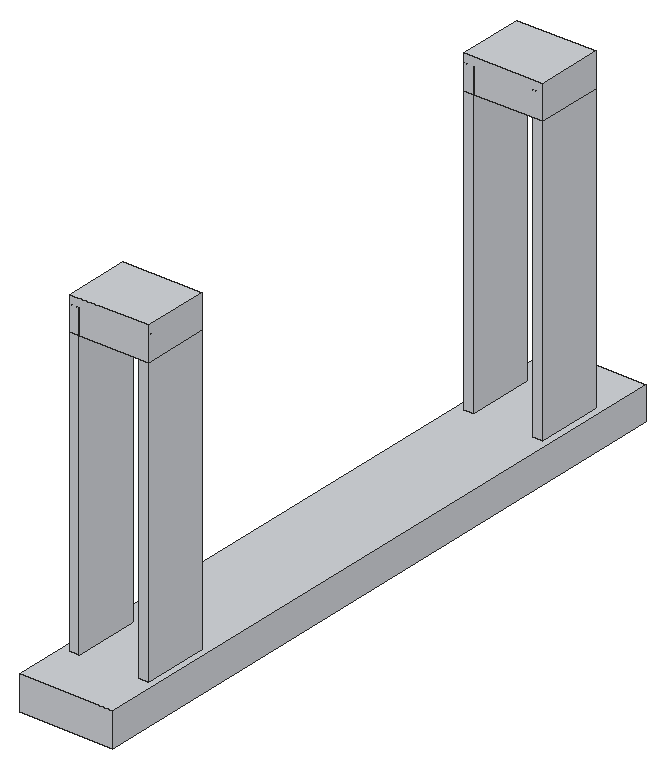
Revit family "GIS_BayFrame", category Modelos genéricos, Revit 2027
Family settings
  Pode hospedar o vergalhão = Não
  Cota do conector redondo = Utilizar diâmetro
  Tipo de parte = Normal
  Com base no plano de trabalho = Não
  Sempre na vertical = Sim
  Corte com vazios quando carregada = Não
  Manter orientação da anotação = Não
  Compartilhado = Não
  Ponto de cálculo do ambiente = Não
Parameters (values of type "GIS_SUPPORT_STUDY")
  Elevação padrão = 0 mm
  BIM_TensaoSecundaria_kV = 0
  BIM_TensaoNominal_kV = 138
  BIM_TensaoClasse_kV = 145
  BIM_TensaoClasseSecundaria_kV = 0
  BIM_Sistema_Elemento [instance] = ""
  BIM_ReferenciaCatalogo = "GE Vernova F35 145 kV brochure: 800 mm bay width and 5,700 mm line-bay footprint; arrangement combined as study envelope, not selected GA"
  BIM_Profundidade = 5700 mm
  BIM_Potencia_MVA = 0
  BIM_Localizacao [instance] = ""
  BIM_Largura = 800 mm
  BIM_Impedancia_pu = 0
  BIM_FonteGeometria = "GE Vernova F35 145 kV brochure: 800 mm bay width and 5,700 mm line-bay footprint; arrangement combined as study envelope, not selected GA"
  BIM_Fabricante = "NAO SELECIONADO"
  BIM_EstadoGeometria = "REFERENCE_DIMENSIONS_APPROXIMATE"
  BIM_EstadoEspecificacao = "PREMISSA / NAO SELECIONADO"
  BIM_DescricaoEstudo = "Envelope do bay de referência F35; orientação e combinação das dimensões aproximadas, desenho de arranjo geral do pedido não fornecido."
  BIM_CorrenteReferenciaSecundaria_A = 0
  BIM_CorrenteNominal_A = 0
  BIM_Bay [instance] = ""
  BIM_AlturaCorpoPrincipal = 288 mm
  BIM_Altura = 3600 mm
Reference planes
  plane 1 "Centro (Frente/Trás)": y = 0
  plane 2: z = 0
  plane 3 "Centro (Esquerda/Direita)": x = 0
  plane 4 "BIM Left": x = -400
  plane 5 "BIM Right": x = 400
  plane 6 "BIM Front": y = -2850
  plane 7 "BIM Back": y = 2850
Forms (mm)
  Extrusion 1, solid
    sketch origin (0, 0, 0) x (1, 0, 0) y (0, 1, 0)
      loop
        line (-400, -2850) -> (400, -2850) -> (400, 2850) -> (-400, 2850) -> (-400, -2850)
    from 0 to 288 <- "BIM_AlturaCorpoPrincipal"
  Extrusion 2, solid
    sketch origin (0, 0, 0) x (1, 0, 0) y (0, 1, 0)
      loop
        line (-336, -2394) -> (-256, -2394) -> (-256, -1824) -> (-336, -1824) -> (-336, -2394)
    from 0 to 2952
  Extrusion 3, solid
    sketch origin (0, 0, 0) x (1, 0, 0) y (0, 1, 0)
      loop
        line (256, -2394) -> (336, -2394) -> (336, -1824) -> (256, -1824) -> (256, -2394)
    from 0 to 2952
  Extrusion 4, solid
    sketch origin (0, 0, 0) x (1, 0, 0) y (0, 1, 0)
      loop
        line (-336, 1824) -> (-256, 1824) -> (-256, 2394) -> (-336, 2394) -> (-336, 1824)
    from 0 to 2952
  Extrusion 5, solid
    sketch origin (0, 0, 0) x (1, 0, 0) y (0, 1, 0)
      loop
        line (256, 1824) -> (336, 1824) -> (336, 2394) -> (256, 2394) -> (256, 1824)
    from 0 to 2952
  Extrusion 6, solid
    sketch origin (0, 0, 2736) x (1, 0, 0) y (0, 1, 0)
      loop
        line (-336, 1824) -> (336, 1824) -> (336, 2394) -> (-336, 2394) -> (-336, 1824)
    from 0 to 288
  Extrusion 7, solid
    sketch origin (0, 0, 2736) x (1, 0, 0) y (0, 1, 0)
      loop
        line (-336, -2394) -> (336, -2394) -> (336, -1824) -> (-336, -1824) -> (-336, -2394)
    from 0 to 288
Dimensions and locks
  "BIM_Largura": plane 4 "BIM Left" to plane 5 "BIM Right"
  "BIM_Profundidade": plane 6 "BIM Front" to plane 7 "BIM Back"
  aligned and locked: level to plane 2
  aligned and locked: plane 4 "BIM Left" to Extrusion 1
  aligned and locked: Extrusion 1 to plane 5 "BIM Right"
  aligned and locked: Extrusion 1 to plane 6 "BIM Front"
  aligned and locked: plane 7 "BIM Back" to Extrusion 1
Automatic sketch dimensions
  Extrusion 1 sketch curve to plane 4 "BIM Left" = 0 mm
  Extrusion 1 sketch curve to plane 5 "BIM Right" = 0 mm
  Extrusion 1 sketch curve to plane 6 "BIM Front" = 0 mm
  Extrusion 1 sketch curve to plane 7 "BIM Back" = 0 mm
  Extrusion 2 sketch curve to plane 4 "BIM Left" = 64 mm
  Extrusion 2 sketch curve to Extrusion 2 sketch curve = 80 mm
  plane 6 "BIM Front" to Extrusion 2 sketch curve = 456 mm
  Extrusion 2 sketch curve to Extrusion 2 sketch curve = 570 mm
  plane 5 "BIM Right" to Extrusion 3 sketch curve = 144 mm
  plane 5 "BIM Right" to Extrusion 3 sketch curve = 64 mm
  plane 6 "BIM Front" to Extrusion 3 sketch curve = 456 mm
  Extrusion 3 sketch curve to Extrusion 3 sketch curve = 570 mm
  Extrusion 4 sketch curve to plane 4 "BIM Left" = 64 mm
  Extrusion 4 sketch curve to Extrusion 4 sketch curve = 80 mm
  Extrusion 4 sketch curve to plane 7 "BIM Back" = 1026 mm
  Extrusion 4 sketch curve to plane 7 "BIM Back" = 456 mm
  plane 5 "BIM Right" to Extrusion 5 sketch curve = 144 mm
  plane 5 "BIM Right" to Extrusion 5 sketch curve = 64 mm
  Extrusion 5 sketch curve to plane 7 "BIM Back" = 1026 mm
  Extrusion 5 sketch curve to plane 7 "BIM Back" = 456 mm
  Extrusion 6 sketch curve to plane 4 "BIM Left" = 64 mm
  plane 5 "BIM Right" to Extrusion 6 sketch curve = 64 mm
  Extrusion 6 sketch curve to plane 7 "BIM Back" = 1026 mm
  Extrusion 6 sketch curve to plane 7 "BIM Back" = 456 mm
  Extrusion 7 sketch curve to plane 4 "BIM Left" = 64 mm
  plane 5 "BIM Right" to Extrusion 7 sketch curve = 64 mm
  plane 6 "BIM Front" to Extrusion 7 sketch curve = 456 mm
  Extrusion 7 sketch curve to Extrusion 7 sketch curve = 570 mm
